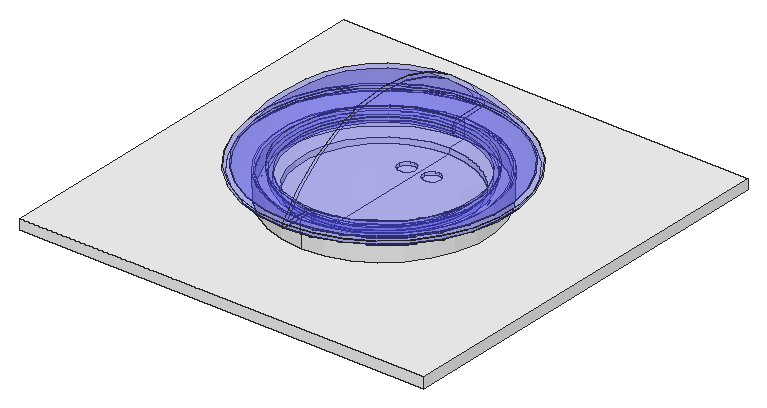
Revit family "BE_24028_de_DE", category Leuchten, Revit 2015
Parameters (values of type "BEGA_24028_Weiß_K4")
  built-in parameter 1150104 = 13.88 (stored number, unit not read)
  Wattage = 7.9 W
  Default Elevation = 0 mm
  built-in parameter 1150113 = 1 (stored number, unit not read)
  built-in parameter 1114218 = 1 (stored number, unit not read)
  Umgebungstemperatur = "25 °C"
  URL = "http://www.bega.de/produkt/24028"
  Typenkommentare = "© 2017 BEGA. Wir behalten uns das Recht vor, technische Änderungen ohne vorherige Ankündigung vorzunehmen."  # constant formula
  Type Image = 24028.png
  built-in parameter 1150134 = 12
  built-in parameter 1150109 = 1 (stored number, unit not read)
  Strom = ""
  built-in parameter 1150110 = 1 (stored number, unit not read)
  Spannung = 239.996 V
  Sonderanfertigung = no
  Seriennummer [instance] = "Hier können Sie die eindeutige Seriennummer für das Facility Management eintragen."
  Schutzklasse = "I"
  Schutzart = "IP 65"
  Scheinlast = 0 VA
  Produktdatenblatt = "http://www.bega.de/download/Xrfa/db/24028.db.de.pdf"
  Oberflächentemperatur = ""
  Neigungswinkel = 0.00°
  Modell = "24028K4"
  Material_17 = BEGA_Reflektor
  Material_15 = BEGA_Leuchtmedium_matt
  Material_11 = BEGA_Glas_opal
  Material_09 = BEGA_Glas_klar
  Material_06 = BEGA_Oberfläche_Edelstahl_gebürstet
  Material_05 = BEGA_Oberfläche_Aluminium Guss
  Material_03 = BEGA_Oberfläche_Weiss_matt
  Material_02 = BEGA_Oberfläche_Silber_matt
  Material_01 [instance] = BEGA_Oberfläche_Grafit_matt
  M_W = yes
  M_G = no
  M_A = no
  Logo = 0
  built-in parameter 1114217 = 1 (stored number, unit not read)
  built-in parameter 1150139 = (empty or 0)
  built-in parameter 1150105 = 93.922 (stored number, unit not read)
  built-in parameter 1150114 = 1 (stored number, unit not read)
  Lumens = 1180.26 lm
  built-in parameter 1150115 = 1 (stored number, unit not read)
  Leuchtenlichtstrom = "1028 lm"
  Leuchtenanzahl = ""
  Lebensdauerkriterien = "L70B50 @ 25 °C =  h"
  Lastklassifizierung = Beleuchtung
  built-in parameter 1150112 = 1 (stored number, unit not read)
  Lampenlichtstrom = "1180 lm"
  Lampe = "LED 7.9 W"
  LED_Modulbezeichnung = "LED-0855/840 "
  Hersteller = "BEGA"  # constant formula
  Halbstreuwinkel = ""
  Gewicht = ""
  Gebrauchslageneinschränkung [instance] = ""
  Frequenz = "0/50-60 Hz"
  Farbwiedergabeindex = "Ra > 80"
  Farbtemperaturverschiebung bei Dämpfen der Lampe = <Keine Auswahl>
  Farbtemperatur = "4000 K"
  Color Filter = 16777215
  built-in parameter 1150133 = 10 (stored number, unit not read)
  Energieeffizienzklasse = "LED A++ - A"
  built-in parameter 1150137 = (empty or 0)
  built-in parameter 1150132 = (empty or 0)
  ENEC = ""
  Dimmbar [instance] = ""
  Datei für fotometrisches Netz = "BE_24028K4_PRE.IES"
  CE_Konformität = "ja"
  Bestellnummer = "24028K4"
  Beschreibung_Sonderanfertigung = "Hier können Sie Informationen zur Sonderanfertigung eintragen."
  Beschreibung = "Decken- und Wandleuchte"
  built-in parameter 1150106 = 0.93922 (stored number, unit not read)
  Befestigungsbohrung = "Ø 5,5 mm"
  Befestigungsabstand = "190 mm"
  Ballwurfsicher = ""
  BEGA_Intern_aus = yes
  BEGA_Intern_an = yes
  BEGA_Intern_Konstruktion = yes
  BEGA_Intern = yes
  BEGA_IES = yes
  BEGA_Dummy = no
  Anschlussleitung = ""
  Anschlussleistung [instance] = "10 W"
  Anschlusskasten = ""
  built-in parameter 1150107 = 4000 (stored number, unit not read)
  built-in parameter 1150102 = (empty or 0)
  built-in parameter 1150138 = (empty or 0)
  Aktualisierung = "2017-07-04T04:09:06"
  Abstand_zur_angestrahlten_Fläche [instance] = ""
  AC/DC = "AC/DC"
Types (2, lengths in mm): name | built-in parameter 1150134 | Modell | LED_Modulbezeichnung | Farbtemperatur | Datei für fotometrisches Netz | Bestellnummer | built-in parameter 1150107
  BEGA_24028_Weiß_K3 | (empty or 0) | "24028" | "LED-0855/830 " | "3000 K" | "BE_24028_PRE.IES" | "24028" | 3000 (stored number, unit not read)
  BEGA_24028_Weiß_K4 | 12 | "24028K4" | "LED-0855/840 " | "4000 K" | "BE_24028K4_PRE.IES" | "24028K4" | 4000 (stored number, unit not read)
Reference planes
  plane 1 "Mitte (Vorne/Hinten)": y = 0
  plane 2: z = 0
  plane 3 "Mitte (Links/Rechts)": x = 0
  plane 4 "Links": x = -125
  plane 5 "Rechts": x = 125
  plane 6 "Unten": y = -125
  plane 7 "Oben": y = 125
  plane 8 "Vorne": z = 99
  plane 9 "Hinten": z = 0
Forms (mm)
  Extrusion 1, solid, material "BEGA_Platte_Weiss"
    sketch origin (0, -1119.2, 0) x (1, 0, 0) y (0, 1, 0)
      loop
        line (-200, 1319.2) -> (-200, 919.2) -> (200, 919.2) -> (200, 1319.2) -> (-200, 1319.2)
    from 0 to -10
  Extrusion 2, solid, material "BEGA_Dummy_matt", visible <- "BEGA_Dummy"
    sketch origin (77.149, -76.023, 0) x (1, 0, 0) y (0, 1, 0)
      loop
        circle (-77.149, 76.023) r 125
    from 0 to 99
Dimensions and locks
  plane 1 "Mitte (Vorne/Hinten)" to Extrusion 1 = 200 mm
  aligned and locked: plane 2 to Extrusion 1
  aligned and locked: level to Extrusion 1
Nested families
  nested 1: "BE_24028" at (0, 0, 0), type "BE_24028"
Connectors
  electrical at (0, 0, 0), driven by "Lastklassifizierung", driven by "Spannung", driven by "Scheinlast"
    settings: index 1, voltage 239.996 V, apparent load 0 VA, apparent load phase1 0 VA, apparent load phase2 0 VA, apparent load phase3 0 VA, power factor 1, load classification "Beleuchtung", number of poles 1, system type 31, power factor state 1, is connector primary yes, connector utility no, sub classification motor no, connector description ""
Definition of nested family "BE_24028"
  Parameters (values of type "BE_24028")
    Default Elevation = 1 mm
    URL = "http://www.bega.de/de/produkt"
    Type Comments = "© 2015 BEGA. Wir behalten uns das Recht vor, technische Änderungen ohne vorherige Ankündigung vorzunehmen. "  # constant formula
    Type Image = (empty or 0)
    Neigungswinkel_um_Z2 = 0.00°
    Neigungswinkel_um_Z1 = 0.00°
    Neigungswinkel_um_Y2 = 0.00°
    Neigungswinkel_um_Y1 = 0.00°
    Neigungswinkel_um_X2 = 0.00°
    Neigungswinkel_um_X1 = 0.00°
    Material_17 = none
    Material_15 = none
    Material_11 = none
    Material_09 = none
    Material_06 = none
    Material_05 = none
    Material_03 = none
    Material_02 = none
    Material_01 = none
    M_W = yes
    M_G = yes
    M_A = yes
    Länge_Platte = 300 mm  # constant formula
    Höhe_Platte = -10 mm  # constant formula
    Manufacturer = "BEGA"  # constant formula
    Drehwinkel_um_Z2 = 0.00°
    Drehwinkel_um_Z1 = 0.00°
    Breite_Platte = 300 mm  # constant formula
  Reference planes
    plane 1 "Mitte (Oben/Unten)": y = 0
    plane 2: z = 0
    plane 3 "Mitte (Links/Rechts)": x = 0
    plane 4: y = -125
    plane 5: z = 99
    plane 6: y = 125
    plane 7: x = -125
    plane 8: x = 125
  Forms (mm)
    Extrusion 1, solid, detail levels medium
      sketch origin (0, 0, 0) x (1, 0, 0) y (0, 1, 0)
        loop
          line (-150, 150) -> (-150, -150) -> (150, -150) -> (150, 150) -> (-150, 150)
      from 0 to -10 <- "Höhe_Platte"
    Revolve 2, solid, material <- "Material_03", detail levels medium+fine
      sketch origin (0, 0, 0) x (0, 1, 0) y (0, 0, 1)
        loop
          line (-102, 26) -> (-101.555, 0.5) -> (-100.69, 0.5)
          arc (-100.69, 0.5) -> (-99.99, 0.786) -> (-99.691, 1.481) r 1
          line (-99.691, 1.481) -> (-99.62, 5.5) -> (-84.101, 5.5)
          arc (-84.101, 5.5) -> (-83.406, 5.219) -> (-83.101, 4.535) r 1
          line (-83.101, 4.535) -> (-82.995, 1.5) -> (0, 1.5) -> (0, 4) -> (-80.581, 4) -> (-80.77, 9.417) -> (-98.921, 9.417) -> (-99.448, 24.5) -> (-100.948, 26) -> (-102, 26)
        axis (0, 26) -> (0, 0.5)
      angle from 0 to 360
    Revolve 3, solid, material <- "Material_03", detail levels medium+fine
      sketch origin (93.55, 0, 0) x (0, 1, 0) y (0, 0, 1)
        loop
          arc (-6.9, 0.5) -> (-6.534, 0.134) -> (-6.034, 0) r 1
          line (-6.034, 0) -> (-2.5, 0) -> (-2.5, 5.828) -> (-7.84, 5.828) -> (-6.9, 0.5)
        axis (0, 5.828) -> (0, 0)
      angle from 0 to 360
    Revolve 4, solid, material <- "Material_03", detail levels medium+fine
      sketch origin (-93.55, 0, 0) x (0, 1, 0) y (0, 0, -1)
        loop
          line (-6.9, -0.5) -> (-7.84, -5.828) -> (-2.5, -5.828) -> (-2.5, 0) -> (-6.034, 0)
          arc (-6.034, 0) -> (-6.534, -0.134) -> (-6.9, -0.5) r 1
        axis (0, -5.828) -> (0, 0)
      angle from 0 to 360
    Extrusion 5, void
      sketch origin (0, 0, 0) x (1, 0, 0) y (0, 1, 0)
        loop
          circle (-12.315, 44.209) r 8.5
        loop
          circle (12.315, 44.209) r 8.5
      from 0 to 9
    Revolve 6, solid, material <- "Material_11", detail levels medium+fine
      sketch origin (0, 0, 0) x (0, 1, 0) y (0, 0, 1)
        loop
          arc (-124.511, 31.994) -> (-124.657, 28.96) -> (-122.079, 27.353) r 3
          line (-122.079, 27.353) -> (-91.449, 26.551)
          arc (-91.449, 26.551) -> (-90.038, 25.917) -> (-89.502, 24.465) r 2
          line (-89.502, 24.465) -> (-89.5, 19) -> (-85.5, 19) -> (-85.5, 24.56)
          arc (-85.5, 24.56) -> (-87.207, 28.743) -> (-91.348, 30.55) r 6
          line (-91.348, 30.55) -> (-118.318, 31.256)
          arc (-118.318, 31.256) -> (-119.175, 31.787) -> (-119.135, 32.794) r 1
          arc (-119.135, 32.794) -> (-67.199, 78.512) -> (0, 95) r 145.185
          line (0, 95) -> (0, 99)
          arc (0, 99) -> (-70.698, 81.185) -> (-124.511, 31.994) r 149.186
        axis (0, 99) -> (0, 19)
      angle from 0 to 360
  Cuts and joins
    Extrusion 5 cuts Revolve 2
    Extrusion 5 cuts Revolve 3
    Extrusion 5 cuts Revolve 4
    joined: Revolve 2, Revolve 3, Revolve 4
  Dimensions and locks
    equal spacing: Extrusion 1 sketch curve, plane 3 "Mitte (Links/Rechts)", Extrusion 1 sketch curve
    equal spacing: Extrusion 1 sketch curve, plane 1 "Mitte (Oben/Unten)", Extrusion 1 sketch curve
    "Länge_Platte": Extrusion 1 sketch curve to Extrusion 1 sketch curve
    "Breite_Platte": Extrusion 1 sketch curve to Extrusion 1 sketch curve
    aligned and locked: plane 2 to Extrusion 1
    aligned and locked: level to Extrusion 1
  Automatic sketch dimensions
    Revolve 2 sketch curve to plane 1 "Mitte (Oben/Unten)" = 0 mm  (x2)
    level to Revolve 2 sketch curve = 4 mm
    plane 1 "Mitte (Oben/Unten)" to Revolve 2 sketch curve = 80.581 mm
    level to Revolve 2 sketch curve = 9.417 mm
    Revolve 2 sketch curve to Revolve 2 sketch curve = 0.189 mm
    level to Revolve 2 sketch curve = 1.5 mm
    Revolve 2 sketch curve to Revolve 2 sketch curve = 2.414 mm
    Revolve 2 sketch curve to Revolve 2 sketch curve = 3.52 mm
    Revolve 2 sketch curve to Revolve 2 sketch curve = 14.82 mm
    level to Revolve 2 sketch curve = 24.5 mm
    Revolve 2 sketch curve to Revolve 2 sketch curve = 0.527 mm
    level to Revolve 2 sketch curve = 5.5 mm
    Revolve 2 sketch curve to Revolve 2 sketch curve = 0.699 mm
    level to Revolve 2 sketch curve = 1.481 mm
    Revolve 2 sketch curve to Revolve 2 sketch curve = 0.07 mm
    Revolve 2 sketch curve to Revolve 2 sketch curve = 1 mm  (x2)
    Revolve 2 sketch curve to Revolve 2 sketch curve = 1.5 mm
    level to Revolve 2 sketch curve = 0.5 mm
    Revolve 2 sketch curve to Revolve 2 sketch curve = 0.865 mm
    level to Revolve 2 sketch curve = 26 mm
    Revolve 2 sketch curve to Revolve 2 sketch curve = 1.052 mm
    level to Revolve 2 sketch curve = 4.535 mm
    Revolve 2 sketch curve to Revolve 2 sketch curve = 0.999 mm
    Revolve 2 sketch curve to Revolve 2 sketch curve = 0 mm  (x2)
    Revolve 2 sketch curve to level = 2 mm
    Revolve 3 sketch curve to level = 0 mm  (x2)
    Revolve 3 sketch curve to plane 1 "Mitte (Oben/Unten)" = 0 mm
    plane 1 "Mitte (Oben/Unten)" to Revolve 3 sketch curve = 2.5 mm
    level to Revolve 3 sketch curve = 1 mm
    Revolve 3 sketch curve to Revolve 3 sketch curve = 3.534 mm
    level to Revolve 3 sketch curve = 0.5 mm
    Revolve 3 sketch curve to Revolve 3 sketch curve = 1.805 mm
    Revolve 3 sketch curve to Revolve 3 sketch curve = 4.828 mm
    Revolve 3 sketch curve to Revolve 3 sketch curve = 3.047 mm
    Revolve 4 sketch curve to level = 0 mm  (x2)
    Revolve 4 sketch curve to plane 1 "Mitte (Oben/Unten)" = 0 mm
    plane 1 "Mitte (Oben/Unten)" to Revolve 4 sketch curve = 2.5 mm
    level to Revolve 4 sketch curve = 1 mm
    Revolve 4 sketch curve to Revolve 4 sketch curve = 3.534 mm
    level to Revolve 4 sketch curve = 0.5 mm
    Revolve 4 sketch curve to Revolve 4 sketch curve = 1.805 mm
    Revolve 4 sketch curve to Revolve 4 sketch curve = 4.828 mm
    Revolve 4 sketch curve to Revolve 4 sketch curve = 3.047 mm
    Extrusion 5 sketch curve to plane 3 "Mitte (Links/Rechts)" = 12.315 mm
    plane 3 "Mitte (Links/Rechts)" to Extrusion 5 sketch curve = 12.315 mm
    Extrusion 5 sketch curve to plane 1 "Mitte (Oben/Unten)" = 44.209 mm
    Extrusion 5 sketch curve to Extrusion 5 sketch curve = 0 mm
    Revolve 6 sketch curve to plane 1 "Mitte (Oben/Unten)" = 0 mm  (x3)
    plane 1 "Mitte (Oben/Unten)" to Revolve 6 sketch curve = 0 mm
    level to Revolve 6 sketch curve = 24.56 mm
    plane 1 "Mitte (Oben/Unten)" to Revolve 6 sketch curve = 85.5 mm
    Revolve 6 sketch curve to Revolve 6 sketch curve = 4 mm  (x2)
    level to Revolve 6 sketch curve = 24.465 mm
    Revolve 6 sketch curve to Revolve 6 sketch curve = 4.002 mm
    level to Revolve 6 sketch curve = 30.55 mm
    Revolve 6 sketch curve to Revolve 6 sketch curve = 1.846 mm
    level to Revolve 6 sketch curve = 26.551 mm
    Revolve 6 sketch curve to Revolve 6 sketch curve = 1.947 mm
    Revolve 6 sketch curve to Revolve 6 sketch curve = 1.998 mm
    Revolve 6 sketch curve to Revolve 6 sketch curve = 0 mm  (x5)
    Revolve 6 sketch curve to Revolve 6 sketch curve = 26.944 mm
    Revolve 6 sketch curve to Revolve 6 sketch curve = 3.708 mm
    Revolve 6 sketch curve to Revolve 6 sketch curve = 5.465 mm
    Revolve 6 sketch curve to level = 50.186 mm
    level to Revolve 6 sketch curve = 30.352 mm
    Revolve 6 sketch curve to Revolve 6 sketch curve = 1.904 mm
    level to Revolve 6 sketch curve = 95 mm
    level to Revolve 6 sketch curve = 31.256 mm
    Revolve 6 sketch curve to Revolve 6 sketch curve = 0.026 mm
    Revolve 6 sketch curve to Revolve 6 sketch curve = 0.843 mm
    level to Revolve 6 sketch curve = 27.353 mm
    Revolve 6 sketch curve to Revolve 6 sketch curve = 0.079 mm
    Revolve 6 sketch curve to Revolve 6 sketch curve = 2.511 mm
    Revolve 6 sketch curve to Revolve 6 sketch curve = 8.396 mm
    radius of Extrusion 5 sketch curve = 8.5 mm  (x2)
